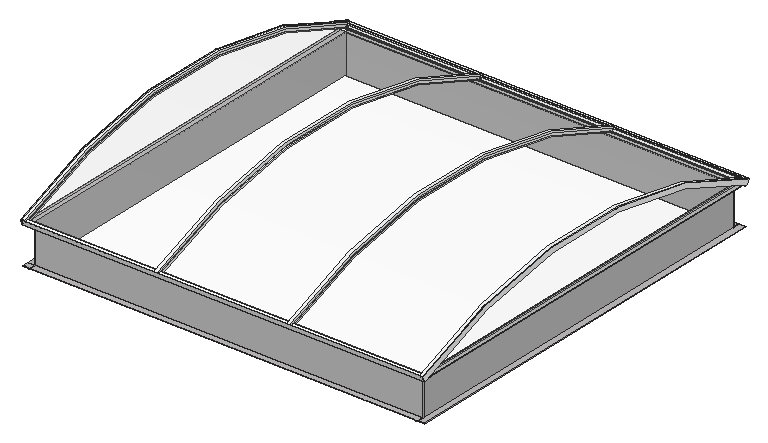
Revit family "Aluco Skylight SL (pl)", category Modele ogólne, Revit 2020
Family settings
  Może być obiektem nadrzędnym dla zbrojenia = Nie
  Wymiar okrągłego złącza = Użyj średnicy
  Typ części = Normalny
  Numer OmniClass = 23.30.30.00
  Tytuł OmniClass = Skylights
  Oparty na płaszczyźnie roboczej = Tak
  Zawsze pionowo = Nie
  Tnij formami wycięć po wczytaniu = Nie
  Współdzielony = Nie
  Punkt obliczania pomieszczeń = Nie
Parameters
  ►Zakończenie prawe - widoczność [instance] = if(and(Podłużne nachylenie połaci = 0.00°, Zakończenie prawe), 1 < 2, 1 > 2)  # yes
  ►Wysokość pomocnicza - grubość [instance] = if([Grubość wypełnienia (wariant)] < 3, 24.2 mm, if([Grubość wypełnienia (wariant)] < 5, 29 mm, if([Grubość wypełnienia (wariant)] < 7, 33 mm, if([Grubość wypełnienia (wariant)] < 9, 38 mm, if([Grubość wypełnienia (wariant)] < 11, 33 mm, if([Grubość wypełnienia (wariant)] < 13, 39 mm, 45 mm))))))  # 33 mm
  ►Wysokość pomocnicza [instance] = Promień gięcia - 0.5 * sqrt((4 * ((Promień gięcia) ^ 2)) - ((Rozpiętość świetlika) ^ 2))  # 361.927 mm
  ►Wymiar pomocniczy [instance] = if(Podłużne nachylenie połaci > 0.00°, 400 mm, if(Poprzeczne nachylenie połaci > 0.00°, 0 mm, 180 mm))  # 180 mm
  ►Widoczność prawego zakończenia [instance] = if(Podłużne nachylenie połaci > 0.00°, 1 > 2, 1 < 2)  # yes
  ►Odsunięcie pomocnicze 3 [instance] = if(Podłużne nachylenie połaci > 0.00°, Długość otworu, Długość otworu + 1000 mm)  # 4000 mm
  ►Odsunięcie pomocnicze 2 [instance] = ►Odsunięcie pomocnicze 1 + [Zwężenie otworu (długość)]  # 3000 mm
  ►Odsunięcie pomocnicze 1 [instance] = if(Podłużne nachylenie połaci > 0.00°, 6000 mm, Długość otworu)  # 3000 mm
  ►Nachylenie połaci - obliczenia [instance] = if(Podłużne nachylenie połaci = 0.00°, 0.00°, if(Podłużne nachylenie połaci - Nachylenie połaci przeciwległej < 0.00°, Podłużne nachylenie połaci + (((Podłużne nachylenie połaci - Nachylenie połaci przeciwległej) * (-1)) / 2), if(Podłużne nachylenie połaci - Nachylenie połaci przeciwległej = 0.00°, Podłużne nachylenie połaci, Podłużne nachylenie połaci - ((Podłużne nachylenie połaci - Nachylenie połaci przeciwległej) / 2))))  # 0.00°
  Zwężenie otworu prawego (długość) [instance] = if(Podłużne nachylenie połaci > 0.00°, 100 mm, [Zwężenie otworu (długość)])  # 0 mm
  Zwężenie otworu (rozpiętość) [instance] = 0 mm
  Zwężenie otworu (długość) [instance] = 0 mm
  Zakończenie prawe [instance] = yes
  Zakończenie lewe [instance] = yes
  Wysokość podstawy [instance] = 300 mm
  Współczynnik przenikania ciepła [instance] = "Do weryfikacji po kontakcie z Producentem"  # constant formula
  URL produktu = "https://aluco.com.pl/oferta/swietliki-dachowe/swietliki-lukowe-aluco-skylight-sl/"
  URL = "https://aluco.com.pl/"
  Rozstaw podziału [instance] = (Długość świetlika - 28 mm) / (Ilość podziałów świetlika + 1)  # 1024 mm
  Rozpiętość świetlika [instance] = if(Rozpiętość otworu - 2 * [Zwężenie otworu (rozpiętość)] + 2 * Przestrzeń na izolację termiczną < 1500 mm, 1500 mm, if(Rozpiętość otworu - 2 * [Zwężenie otworu (rozpiętość)] + 2 * Przestrzeń na izolację termiczną > 6200 mm, 6200 mm, Rozpiętość otworu - 2 * [Zwężenie otworu (rozpiętość)] + 2 * Przestrzeń na izolację termiczną))  # 3100 mm
  Rozpiętość otworu [instance] = 3000 mm
  Rozpiętość [instance] = "od 1500 mm do 6200 mm"  # constant formula
  Przestrzeń na izolację termiczną (wariant) [instance] = 0
  Przestrzeń na izolację termiczną [instance] = if([Przestrzeń na izolację termiczną (wariant)] < 2, 50 mm, if([Przestrzeń na izolację termiczną (wariant)] < 3, 80 mm, if([Przestrzeń na izolację termiczną (wariant)] < 4, 100 mm, if([Przestrzeń na izolację termiczną (wariant)] < 5, 150 mm, 200 mm))))  # 50 mm
  Promień gięcia' [instance] = Promień gięcia - 5 mm  # 3495 mm
  Promień gięcia" [instance] = Promień gięcia + Grubość płyty + 15 mm  # 3535 mm
  Promień gięcia [instance] = 175 * Grubość płyty  # 3500 mm
  Producent = "ALUCO SYSTEM SP. Z O.O"  # constant formula
  Poprzeczne nachylenie połaci [instance] = 0.00°
  Opis = "Pasma świetlne wykonane zgodnie z wymaganiami normy PN-EN14963:2006, ze znakowaniem CE"  # constant formula
  Odporność na obciążenie odrywające = "UL 1500"  # constant formula
  Odporność na obciążenie dociskające = "DL 2500"  # constant formula
  Obraz typu = ALUCO SKYLIGHT SL.png
  Nachylenie połaci przeciwległej [instance] = 0.00°
  Podłużne nachylenie połaci [instance] = 0.00°
  Model = "Skylight SL"  # constant formula
  Materiał płyt = Aluco - poliwęglan
  Materiał profili = Aluco - aluminium
  Materiał podstawy = Aluco - stal ocynkowana
  Kraty antyupadkowe ALUCO SAFETY GRID [instance] = yes
  Komentarze do typu = "Pasma świetlne łukowe"
  Klasa bezpieczeństwa przed upadkiem z wysokości = "SB 1200"  # constant formula
  Klasa bezpieczeństwa pożarowego = "BRoof (t1)"  # constant formula
  Karta katalogowa [instance] = "https://aluco.com.pl/download/AlucoSkylight.pdf"
  Ilość profili łukowych [instance] = if(0 = 0, Ilość podziałów świetlika + 2, Ilość podziałów świetlika + 2)  # 4
  Ilość podziałów świetlika [instance] = roundup((Długość świetlika - 28 mm) / 1050 mm) - 1  # 2
  IfcExportAs = "\"IfcWindowType\""
  Grubość wypełnienia (wariant) [instance] = 6
  Grubość płyty [instance] = if([Grubość wypełnienia (wariant)] < 3, 10 mm, if([Grubość wypełnienia (wariant)] < 5, 16 mm, if([Grubość wypełnienia (wariant)] < 7, 20 mm, if([Grubość wypełnienia (wariant)] < 9, 25 mm, if([Grubość wypełnienia (wariant)] < 11, 20 mm, if([Grubość wypełnienia (wariant)] < 13, 26 mm, 32 mm))))))  # 20 mm
  Grubość blachy podstawy (wariant) [instance] = 1
  Grubość blachy podstawy [instance] = if([Grubość blachy podstawy (wariant)] < 2, 1.5 mm, 2 mm)  # 1.5 mm
  Długość świetlika [instance] = Długość otworu - 2 * [Zwężenie otworu (długość)] + 2 * Przestrzeń na izolację termiczną  # 3100 mm
  Długość otworu [instance] = 3000 mm
  Default Elevation = 0 mm  # constant formula
Reference planes
  plane 1 "Środek (Przód/Tył)": y = 0
  plane 2: z = 0
  plane 3 "Środek (Lewa/Prawa)": x = 0
  plane 4: x = 3000
  plane 5: y = -1500
  plane 6: y = 1500
  plane 7: x = -50
  plane 8: y = -1550
  plane 9: y = 1550
  plane 10: x = 3050
  plane 11: x = 1500
  plane 12: z = 300
  plane 13: z = -800.014
  plane 14: y = -1500
  plane 15: y = 1500
  plane 16: x = 3000
  plane 17: z = 0
  plane 18: z = 298.5
  plane 19: z = 1.5
  plane 20: x = 0
  plane 21: z = 661.927
  plane 22: z = 300
  plane 23: z = 694.927
  plane 24 "Odsunięcie 2": x = 3000
  plane 25 "Odsunięcie 1": x = 3000
  plane 26: x = 3660
  plane 27: x = 4000
  plane 28 "Odsunięcie 4": x = 3000
  plane 29 "Odsunięcie 5": x = 3050
Forms (mm)
  Extrusion 1, solid, material "Aluco - poliwęglan" <- "Materiał płyt", visible <- "Zakończenie lewe", detail levels medium+fine
    sketch origin (-50, 2000, 1200) x (0, 1, 0) y (0, 0, 1)
      loop
        line (-3550, -900) -> (-450, -900)
        arc (-450, -900) -> (-2000, -538.073) -> (-3550, -900) r 3500
    from 0 to 20
  Sweep 2, solid, material "Aluco - aluminium" <- "Materiał profili", detail levels fine
    path in 3D
      loop
        line (-50, 1558.857, 317.932) -> (3050, 1558.857, 317.932)
    profile "Profil prosty : Profil prosty" origin (1500, 1558.857, 317.932) x (0, -0.442857, -0.896592) y (0, 0.896592, -0.442857)
      loop
        line (26.358, 0) -> (33.614, 0) -> (33.614, 4.683) -> (-16.625, 4.683) -> (-16.625, 3.483) -> (-6, 3.483) -> (-6, -20) -> (0, -20) -> (0, 0) -> (20, 0) -> (20, -31.791) -> (26.358, -31.791) -> (26.358, 0)
  Sweep 3, solid, material "Aluco - poliwęglan" <- "Materiał płyt", detail levels medium+fine
    path in 3D
      loop
        arc (3050, -1550, 300) -> (3050, 0, 661.927) -> (3050, 1550, 300) r 3500
    profile origin (3050, 0, 661.927) x (0, 0, 1) y (1, 0, 0)
      loop
        line (0, 0) -> (0, -3100) -> (20, -3100) -> (20, 0) -> (0, 0)
  Sweep 4, solid, material "Aluco - aluminium" <- "Materiał profili", detail levels fine
    path in 3D
      loop
        line (3050, -1558.857, 317.932) -> (-50, -1558.857, 317.932)
    profile "Profil prosty : Profil prosty" origin (1500, -1558.857, 317.932) x (0, 0.442857, -0.896592) y (0, -0.896592, -0.442857)
      loop
        line (26.358, 0) -> (33.614, 0) -> (33.614, 4.683) -> (-16.625, 4.683) -> (-16.625, 3.483) -> (-6, 3.483) -> (-6, -20) -> (0, -20) -> (0, 0) -> (20, 0) -> (20, -31.791) -> (26.358, -31.791) -> (26.358, 0)
  Sweep 5, solid, material "Aluco - stal ocynkowana" <- "Materiał podstawy", detail levels medium+fine
    path in 3D
      loop
        line (3000, 1550, 0) -> (-50, 1550, 0)
    profile "Podstawa : Przód/Tył" origin (1475, 1550, 0) x (0, -1, 0) y (0, 0, 1)
      loop
        line (51.5, 0) -> (51.5, 300) -> (0, 300) -> (0, 298.5) -> (50, 298.5) -> (50, 1.5) -> (0, 1.5) -> (0, 0) -> (12, 0) -> (51.5, 0)
  Sweep 6, solid, material "Aluco - stal ocynkowana" <- "Materiał podstawy", detail levels medium+fine
    path in 3D
      loop
        line (-50, -1550, 0) -> (3000, -1550, 0)
    profile "Podstawa : Przód/Tył" origin (1475, -1550, 0) x (0, 1, 0) y (0, 0, 1)
      loop
        line (51.5, 0) -> (51.5, 300) -> (0, 300) -> (0, 298.5) -> (50, 298.5) -> (50, 1.5) -> (0, 1.5) -> (0, 0) -> (12, 0) -> (51.5, 0)
  Sweep 7, solid, material "Aluco - stal ocynkowana" <- "Materiał podstawy", detail levels medium+fine
    path in 3D
      loop
        line (-50, 1550, 0) -> (-50, 1500, 0) -> (-50, 0, 0) -> (-50, -1500, 0) -> (-50, -1550, 0)
    profile "Podstawa : Prawo/Lewo" origin (-50, 1525, 0) x (1, 0, 0) y (0, 0, 1)
      loop
        line (51.5, 0) -> (51.5, 300) -> (0, 300) -> (0, 298.5) -> (50, 298.5) -> (50, 1.5) -> (0, 1.5) -> (0, 0) -> (12, 0) -> (51.5, 0)
  Sweep 8, solid, material "Aluco - stal ocynkowana" <- "Materiał podstawy", visible <- "►Widoczność prawego zakończenia", detail levels medium+fine
    path in 3D
      loop
        line (3050, 1550, 0) -> (3050, 1500, 0) -> (3050, 0, 0) -> (3050, -1500, 0) -> (3050, -1550, 0)
    profile "Podstawa : Prawo/Lewo" origin (3050, -1525, 0) x (1, 0, 0) y (0, 0, 1)
      loop
        line (-51.5, 0) -> (-12, 0) -> (0, 0) -> (0, 1.5) -> (-50, 1.5) -> (-50, 298.5) -> (0, 298.5) -> (0, 300) -> (-51.5, 300) -> (-51.5, 0)
  Extrusion 9, solid, material "Aluco - krata antyupadkowa", visible <- "Kraty antyupadkowe ALUCO SAFETY GRID", detail levels medium+fine
    sketch origin (7303.2, -1436.636, 300) x (0, -1, 0) y (1, 0, 0)
      loop
        line (-2936.636, -7303.2) -> (63.364, -7303.2) -> (63.364, -4303.2) -> (-2936.636, -4303.2) -> (-2936.636, -7303.2)
    from 0 to -5
  Extrusion 10, void
    sketch origin (0, 0, 0) x (1, 0, 0) y (0, 0, 1)
      loop
        line (3000, 298.5) -> (3000, 1.5) -> (3000, -98.5) -> (3660, -98.5) -> (3660, 300) -> (3000, 300) -> (3000, 298.5)
    from -7763.73 to 8722.83
  Extrusion 11, void
    sketch origin (3000, 0, 0) x (-1, 0, 0) y (0, 0, -1)
      loop
        line (3000, -298.5) -> (3000, -300) -> (3823.374, -300) -> (3823.374, -1.5) -> (3000, -1.5) -> (3000, -298.5)
    from -6758.137 to 7862.369
  Extrusion 12, solid, material "Aluco - poliwęglan" <- "Materiał płyt", visible <- "►Zakończenie prawe - widoczność", detail levels medium+fine
    sketch origin (3050, 2000, 1200) x (0, 1, 0) y (0, 0, 1)
      loop
        line (-3550, -900) -> (-450, -900)
        arc (-450, -900) -> (-2000, -538.073) -> (-3550, -900) r 3500
    from -25 to 0
  Extrusion 13, void
    sketch origin (3050, 2000, 1200) x (0, 1, 0) y (0, 0, 1)
      loop
        line (-3500, -901.5) -> (-3500, -900) -> (-7785.043, -900) -> (-7785.043, -1198.5) -> (-3500, -1198.5) -> (-3500, -901.5)
    from -7978.09 to 4431.719
  Extrusion 14, void
    sketch origin (3050, 2000, 1200) x (0, 1, 0) y (0, 0, 1)
      loop
        line (-500, -900) -> (-500, -901.5) -> (-500, -1198.5) -> (2200, -1198.5) -> (2200, -900) -> (-500, -900)
    from -11160.481 to 8052.434
  Sweep 15, void
    path in 3D
      loop
        line (3050, 1550, 0) -> (3050, 1500, 0) -> (3050, 0, 0) -> (3050, -1500, 0) -> (3050, -1550, 0)
    profile origin (3050, -1525, 0) x (1, 0, 0) y (0, 0, 1)
      loop
        line (130, 300) -> (130, 0) -> (2288.5, 0) -> (2288.5, 300) -> (130, 300)
  Sweep 16, void
    path in 3D
      loop
        line (-50, 1550, 0) -> (-50, 1500, 0) -> (-50, 0, 0) -> (-50, -1500, 0) -> (-50, -1550, 0)
    profile origin (-50, 1525, 0) x (1, 0, 0) y (0, 0, 1)
      loop
        line (-1237.782, 300) -> (-1237.782, 0) -> (-130, 0) -> (-130, 300) -> (-1237.782, 300)
  Extrusion 17, solid, material "Aluco - aluminium" <- "Materiał profili", visible <- "Zakończenie prawe", detail levels fine
    sketch origin (3050, 0, -2838.073) x (0, 0.896592, 0.442857) y (0, -0.442857, 0.896592)
      loop
        line (-4.683, 3532.997) -> (-4.683, 3494.997)
        arc (-4.683, 3494.997) -> (1547.786, 3133.59) -> (2778.309, 2120.384) r 3495
        line (2778.309, 2120.384) -> (2808.485, 2143.478)
        arc (2808.485, 2143.478) -> (1564.614, 3167.66) -> (-4.683, 3532.997) r 3533
    from 0 to 5
  Extrusion 18, solid, material "Aluco - aluminium" <- "Materiał profili", detail levels fine
    sketch origin (-50, 0, -2838.073) x (0, -0.442857, 0.896592) y (0, 0.896592, 0.442857)
      loop
        arc (3532.997, -4.683) -> (3167.66, 1564.614) -> (2143.478, 2808.485) r 3533
        line (2143.478, 2808.485) -> (2120.384, 2778.309)
        arc (2120.384, 2778.309) -> (3133.59, 1547.786) -> (3494.997, -4.683) r 3495
        line (3494.997, -4.683) -> (3532.997, -4.683)
    from 0 to 5
  Extrusion 19, void
    sketch origin (0, 0, 0) x (1, 0, 0) y (0, 0, 1)
      loop
        line (3660, 694.927) -> (3660, 0) -> (4000, 0) -> (4000, 694.927) -> (3660, 694.927)
    from -7702.997 to 8662.235
  Extrusion 20, solid, detail levels coarse
    sketch origin (5150, 0, -1762.189) x (0, 0.807925, 0.589286) y (0, -0.589286, 0.807925)
      loop
        line (-15.4, 2609.189) -> (-213.85, 2337.109) -> (2290.716, 510.323) -> (2489.167, 782.403)
        arc (2489.167, 782.403) -> (1447.944, 1985.165) -> (-15.4, 2609.189) r 3533
    from -2100 to -5200
Cuts and joins
  Extrusion 11, Sweep 16, Extrusion 19 cuts Extrusion 1
  Extrusion 11, Extrusion 13, Extrusion 14 cuts Sweep 8
  Extrusion 10, Extrusion 11, Extrusion 19 cuts Sweep 6
  Extrusion 10, Extrusion 11, Extrusion 19 cuts Sweep 5
  Extrusion 19 cuts Sweep 2
  Extrusion 19 cuts Sweep 4
  Extrusion 11, Sweep 15, Extrusion 19 cuts Extrusion 9
  Extrusion 13, Extrusion 14, Extrusion 19 cuts Sweep 7
  Sweep 15 cuts Extrusion 12
  Extrusion 19 cuts Sweep 3
  Extrusion 19 cuts Extrusion 18
Lines and regions (mm)
  reference lines
    curve 1: line (-50, 1550, 0) -> (-50, -1550, 0)
    curve 2: line (-50, -1550, 0) -> (3000, -1550, 0)
    curve 3: line (3050, -1550, 0) -> (3050, 1550, 0)
    curve 4: line (3000, 1550, 0) -> (-50, 1550, 0)
    curve 5: line (0, 1500, 0) -> (3000, 1500, 0)
    curve 6: line (3000, 1500, 0) -> (3000, -1500, 0)
    curve 7: line (3000, -1500, 0) -> (0, -1500, 0)
    curve 8: line (0, -1500, 0) -> (0, 1500, 0)
    curve 9: arc (0, -1550, 300) -> (0, 0, 661.927) -> (0, 1550, 300) r 3500
    curve 10: line (-30, 50, 0) -> (-30, -50, 0)
    curve 11: line (3030, 50, 0) -> (3030, -50, 0)
    curve 12: line (0, 0, 298.5) -> (3000, 0, 298.5)
    curve 13: line (3050, -1500, 0) -> (3050, 0, 0)
    curve 14: line (3050, 1500, 0) -> (3050, 0, 0)
    curve 15: line (3050, 1550, 0) -> (3050, 1500, 0)
    curve 16: line (3050, -1500, 0) -> (3050, -1550, 0)
    curve 19: line (-50, 1550, 0) -> (-50, 1500, 0)
    curve 20: line (-50, -1400, 0) -> (-50, 0, 0)
    curve 21: line (-50, 0, 0) -> (-50, 1500, 0)
    curve 35: line (3050, 1550, 0) -> (3050, 1500, 0)
    curve 36: line (-50, -1500, 0) -> (-50, -1550, 0)
  sketch lines
    curve 17: line (3000, 1550, 0) -> (-50, 1550, 0)
    curve 18: line (-50, -1550, 0) -> (3000, -1550, 0)
    curve 22: line (-50, 1550, 0) -> (-50, 1500, 0)
    curve 23: line (-50, 0, 0) -> (-50, 1500, 0)
    curve 24: line (3050, -1500, 0) -> (3050, -1550, 0)
    curve 25: line (3050, -1500, 0) -> (3050, 0, 0)
    curve 26: line (3050, 1500, 0) -> (3050, 0, 0)
    curve 27: line (3050, 1550, 0) -> (3050, 1500, 0)
    curve 28: arc (3050, -1550, 300) -> (3050, 0, 661.927) -> (3050, 1550, 300) r 3500
    curve 29: line (3050, -1558.857, 317.932) -> (-50, -1558.857, 317.932)
    curve 30: line (-50, 1558.857, 317.932) -> (3050, 1558.857, 317.932)
    curve 31: line (3050, -1500, 0) -> (3050, -1550, 0)
    curve 32: line (3050, -1500, 0) -> (3050, 0, 0)
    curve 33: line (3050, 1500, 0) -> (3050, 0, 0)
    curve 34: line (3050, 1550, 0) -> (3050, 1500, 0)
    curve 37: line (-50, -1500, 0) -> (-50, 0, 0)
    curve 38: line (-50, -1500, 0) -> (-50, -1550, 0)
    curve 39: line (-50, 1550, 0) -> (-50, 1500, 0)
    curve 40: line (-50, 0, 0) -> (-50, 1500, 0)
    curve 41: line (-50, -1500, 0) -> (-50, 0, 0)
    curve 42: line (-50, -1500, 0) -> (-50, -1550, 0)
Dimensions and locks
  "Długość otworu": plane 3 "Środek (Lewa/Prawa)" to plane 4
  equal spacing: plane 3 "Środek (Lewa/Prawa)", plane 11, plane 4
  equal spacing: plane 7, plane 11, plane 10
  "Długość świetlika": plane 7 to plane 10
  equal spacing: plane 5, plane 1 "Środek (Przód/Tył)", plane 6
  equal spacing: plane 9, plane 1 "Środek (Przód/Tył)", plane 8
  "Rozpiętość otworu": plane 5 to plane 6
  "Rozpiętość świetlika": plane 9 to plane 8
  "Przestrzeń na izolację termiczną": plane 6 to curve 4
  "Przestrzeń na izolację termiczną": curve 1 to plane 3 "Środek (Lewa/Prawa)"
  "Przestrzeń na izolację termiczną": plane 4 to curve 3
  "Przestrzeń na izolację termiczną": plane 5 to curve 2
  "Przestrzeń na izolację termiczną": plane 7 to curve 8
  "Przestrzeń na izolację termiczną": curve 6 to plane 10
  "Przestrzeń na izolację termiczną": curve 7 to plane 8
  "Przestrzeń na izolację termiczną": curve 5 to plane 9
  "Wysokość podstawy": plane 12 to level
  "Grubość płyty": plane 7 to curve 10
  "Grubość płyty": curve 11 to plane 10
  "Grubość blachy podstawy": plane 12 to curve 12
  "Grubość płyty": Sweep 3 sketch curve to Sweep 3 sketch curve
  equal spacing: group 2, group 4, group 3, group 1
  equal spacing: group 1, group 3, group 4, group 2  (x2)
  plane 2 to plane 13 = 800.014 mm
  "Przestrzeń na izolację termiczną": plane 14 to plane 8
  "Przestrzeń na izolację termiczną": plane 9 to plane 15
  "Zwężenie otworu prawego (długość)": plane 4 to plane 16
  "Grubość blachy podstawy": plane 12 to plane 18
  "Grubość blachy podstawy": plane 19 to plane 17
  "Zwężenie otworu (długość)": plane 3 "Środek (Lewa/Prawa)" to plane 20
  Extrusion 13 to plane 19 = 298.5 mm
  "Wysokość podstawy": Sweep 15 sketch curve to plane 17
  locked: Sweep 15 sketch curve to plane 16 at 2338.5
  "►Wymiar pomocniczy": Sweep 15 sketch curve to plane 16
  locked: Sweep 16 sketch curve to plane 20 at 1287.782
  "►Wymiar pomocniczy": Sweep 16 sketch curve to plane 20
  locked: plane 22 to plane 18 at 1.5
  "►Wysokość pomocnicza": plane 21 to plane 22
  "►Wysokość pomocnicza - grubość": plane 23 to plane 21
  "Zwężenie otworu (długość)": plane 24 "Odsunięcie 2" to plane 25 "Odsunięcie 1"
  locked: plane 26 to plane 24 "Odsunięcie 2" at 660
  "►Odsunięcie pomocnicze 1": plane 25 "Odsunięcie 1" to plane 3 "Środek (Lewa/Prawa)"
  "►Odsunięcie pomocnicze 2": plane 24 "Odsunięcie 2" to plane 3 "Środek (Lewa/Prawa)"
  "►Odsunięcie pomocnicze 3": plane 3 "Środek (Lewa/Prawa)" to plane 27
  "Zwężenie otworu (długość)": plane 25 "Odsunięcie 1" to plane 28 "Odsunięcie 4"
  locked: plane 29 "Odsunięcie 5" to plane 28 "Odsunięcie 4" at 50
  "Promień gięcia": radius of curve 9
  "Poprzeczne nachylenie połaci": angle curve 8 to curve 13
  "Poprzeczne nachylenie połaci": angle curve 14 to curve 8
  "Poprzeczne nachylenie połaci": angle level to curve 20
  "Poprzeczne nachylenie połaci": angle curve 21 to level
  "►Nachylenie połaci - obliczenia": angle Extrusion 19 sketch curve to plane 27
  aligned and locked: level to plane 2
  aligned and locked: plane 8 to curve 9
  aligned and locked: plane 12 to curve 9
  aligned and locked: plane 9 to curve 9
  aligned and locked: Extrusion 1 sketch curve to curve 9
  aligned and locked: Extrusion 1 sketch curve to plane 12
  aligned and locked: Extrusion 1 to curve 10
  aligned and locked: Sweep 3 sketch curve to cut or joined group of Extrusion 1, Extrusion 11, Sweep 16, Extrusion 19
  aligned and locked: nested 1 to plane 10
  aligned and locked: nested 2 to plane 7
  aligned and locked: nested 1 to plane 12
  aligned and locked: nested 2 to plane 12
  aligned and locked: curve 2 to curve 16
  aligned and locked: plane 14 to curve 16
  aligned and locked: curve 16 to curve 3
  aligned and locked: plane 15 to curve 15
  aligned and locked: curve 15 to curve 3
  aligned and locked: plane 14 to curve 13
  aligned and locked: curve 19 to curve 5
  aligned and locked: plane 15 to curve 21
  aligned and locked: curve 1 to curve 21
  aligned and locked: plane 1 "Środek (Przód/Tył)" to curve 20
  aligned and locked: plane 1 "Środek (Przód/Tył)" to curve 14
  aligned and locked: plane 15 to curve 14
  aligned and locked: level to curve 13
  aligned and locked: plane 14 to Extrusion 9 sketch curve
  aligned and locked: Extrusion 9 sketch curve to plane 15
  aligned and locked: Extrusion 9 sketch curve to curve 6
  aligned and locked: Extrusion 9 sketch curve to curve 8
  aligned and locked: Extrusion 10 sketch curve to plane 12
  aligned and locked: plane 19 to Extrusion 11 sketch curve
  aligned and locked: plane 12 to Extrusion 11 sketch curve
  aligned and locked: plane 20 to Extrusion 11 sketch curve
  aligned and locked: plane 3 "Środek (Lewa/Prawa)" to Extrusion 11 sketch curve
  aligned and locked: Extrusion 12 to plane 12
  aligned and locked: plane 12 to Extrusion 13 sketch curve
  aligned and locked: plane 19 to Extrusion 13 sketch curve
  aligned and locked: plane 5 to Extrusion 13 sketch curve
  aligned and locked: plane 14 to Extrusion 13 sketch curve
  aligned and locked: Extrusion 13 sketch curve to plane 19
  aligned and locked: plane 15 to Extrusion 14 sketch curve
  aligned and locked: Extrusion 14 sketch curve to plane 19
  aligned and locked: plane 6 to Extrusion 14 sketch curve
  aligned and locked: Extrusion 14 sketch curve to plane 15
  aligned and locked: plane 18 to Extrusion 14 sketch curve
  aligned and locked: plane 12 to Extrusion 14 sketch curve
  aligned and locked: Extrusion 12 sketch curve to curve 9
  aligned and locked: Sweep 15 sketch curve to plane 17
  aligned and locked: curve 1 to curve 36
  aligned and locked: plane 3 "Środek (Lewa/Prawa)" to curve 9
  aligned and locked: Sweep 16 sketch curve to plane 12
  aligned and locked: Sweep 16 sketch curve to plane 2
  aligned and locked: plane 26 to Extrusion 10 sketch curve
  aligned and locked: Extrusion 19 sketch curve to plane 26
  aligned and locked: plane 27 to Extrusion 19 sketch curve
  aligned and locked: Extrusion 10 sketch curve to plane 25 "Odsunięcie 1"
  aligned and locked: plane 29 "Odsunięcie 5" to Sweep 3 sketch curve
  aligned and locked: plane 25 "Odsunięcie 1" to curve 2
  aligned and locked: plane 25 "Odsunięcie 1" to curve 4
  aligned and locked: plane 28 "Odsunięcie 4" to Extrusion 10 sketch curve
  aligned and locked: plane 18 to Extrusion 10 sketch curve
  aligned and locked: plane 8 to Extrusion 20 sketch curve
  aligned and locked: plane 9 to Extrusion 20 sketch curve
  aligned and locked: Extrusion 20 sketch curve to Extrusion 17
  aligned and locked: Extrusion 20 to plane 7
  aligned and locked: plane 10 to Extrusion 20
Automatic sketch dimensions
  Extrusion 13 sketch curve to plane 18 = 0 mm
  Extrusion 13 sketch curve to plane 5 = 4285.043 mm
  Extrusion 14 sketch curve to plane 6 = 2700 mm
  Extrusion 11 sketch curve to plane 18 = 0 mm
  plane 3 "Środek (Lewa/Prawa)" to Extrusion 11 sketch curve = 823.374 mm
  Extrusion 12 sketch curve to plane 8 = 0 mm
  Extrusion 17 sketch curve to nested 1 = 4.683 mm  (x3)
  Extrusion 18 sketch curve to nested 2 = 4.683 mm  (x3)
  Extrusion 10 sketch curve to plane 19 = 0 mm
  Extrusion 10 sketch curve to level = 98.5 mm
  level to Extrusion 20 sketch curve = 0 mm
  curve 36 to plane 5 = 0 mm
  plane 6 to curve 35 = 0 mm
  curve 35 to plane 9 = 0 mm
  plane 1 "Środek (Przód/Tył)" to curve 11 = 50 mm
  plane 1 "Środek (Przód/Tył)" to curve 10 = 50 mm
  curve 10 to plane 1 "Środek (Przód/Tył)" = 50 mm
  curve 11 to plane 1 "Środek (Przód/Tył)" = 50 mm
  curve 12 to plane 3 "Środek (Lewa/Prawa)" = 0 mm
  curve 12 to plane 4 = 0 mm
  curve 9 to plane 1 "Środek (Przód/Tył)" = 0 mm
  Sweep 3 sketch curve to profile plane = 0 mm
  Extrusion 19 sketch curve to level = 0 mm
  Extrusion 19 sketch curve to plane 23 = 0 mm
  radius of Extrusion 17 sketch curve to nested 1 = 0 mm
  radius of Extrusion 17 sketch curve to nested 1 = 25 mm
  radius of Extrusion 18 sketch curve to nested 2 = 0 mm
  radius of Extrusion 18 sketch curve to nested 2 = 25 mm
Nested families
  nested 1: "Profil łukowy" at (3036, 0, 300), Rozpiętość otworu <- "Rozpiętość otworu", Zwężenie otworu (rozpiętość) <- "Zwężenie otworu (rozpiętość)", Materiał <- "Materiał profili", Przestrzeń na izolację termiczną <- "Przestrzeń na izolację termiczną", Grubość wypełnienia (wariant) <- "Grubość wypełnienia (wariant)", type "Profil łukowy", detail levels fine
    with Zwężenie otworu (rozpiętość) 0 mm, Rozpiętość świetlika 3100 mm, Rozpiętość otworu 3000 mm, Przestrzeń na izolację termiczną 50 mm, Promień gięcia 3500 mm, Materiał Aluco - aluminium, Grubość wypełnienia (wariant) 6, Grubość płyty 20 mm, Grubość profilu 27 mm
  nested 2: "Profil łukowy" at (-36, 0, 300), Rozpiętość otworu <- "Rozpiętość otworu", Zwężenie otworu (rozpiętość) <- "Zwężenie otworu (rozpiętość)", Materiał <- "Materiał profili", Przestrzeń na izolację termiczną <- "Przestrzeń na izolację termiczną", Grubość wypełnienia (wariant) <- "Grubość wypełnienia (wariant)", type "Profil łukowy", detail levels fine
    with Zwężenie otworu (rozpiętość) 0 mm, Rozpiętość świetlika 3100 mm, Rozpiętość otworu 3000 mm, Przestrzeń na izolację termiczną 50 mm, Promień gięcia 3500 mm, Materiał Aluco - aluminium, Grubość wypełnienia (wariant) 6, Grubość płyty 20 mm, Grubość profilu 27 mm
  nested 3: "Profil łukowy" at (2012, 0, 300), Rozpiętość otworu <- "Rozpiętość otworu", Zwężenie otworu (rozpiętość) <- "Zwężenie otworu (rozpiętość)", Materiał <- "Materiał profili", Przestrzeń na izolację termiczną <- "Przestrzeń na izolację termiczną", Grubość wypełnienia (wariant) <- "Grubość wypełnienia (wariant)", type "Profil łukowy", detail levels fine
    with Zwężenie otworu (rozpiętość) 0 mm, Rozpiętość świetlika 3100 mm, Rozpiętość otworu 3000 mm, Przestrzeń na izolację termiczną 50 mm, Promień gięcia 3500 mm, Materiał Aluco - aluminium, Grubość wypełnienia (wariant) 6, Grubość płyty 20 mm, Grubość profilu 27 mm
  nested 4: "Profil łukowy" at (988, 0, 300), Rozpiętość otworu <- "Rozpiętość otworu", Zwężenie otworu (rozpiętość) <- "Zwężenie otworu (rozpiętość)", Materiał <- "Materiał profili", Przestrzeń na izolację termiczną <- "Przestrzeń na izolację termiczną", Grubość wypełnienia (wariant) <- "Grubość wypełnienia (wariant)", type "Profil łukowy", detail levels fine
    with Zwężenie otworu (rozpiętość) 0 mm, Rozpiętość świetlika 3100 mm, Rozpiętość otworu 3000 mm, Przestrzeń na izolację termiczną 50 mm, Promień gięcia 3500 mm, Materiał Aluco - aluminium, Grubość wypełnienia (wariant) 6, Grubość płyty 20 mm, Grubość profilu 27 mm
Definition of nested family "Profil łukowy"
  Parameters (values of type "Profil łukowy")
    Zwężenie otworu (rozpiętość) [instance] = 200 mm
    Define Thermal Properties by = 1
    Rozpiętość świetlika [instance] = if(Rozpiętość otworu - 2 * [Zwężenie otworu (rozpiętość)] + 2 * Przestrzeń na izolację termiczną < 1500 mm, 1500 mm, if(Rozpiętość otworu - 2 * [Zwężenie otworu (rozpiętość)] + 2 * Przestrzeń na izolację termiczną > 6200 mm, 6200 mm, Rozpiętość otworu - 2 * [Zwężenie otworu (rozpiętość)] + 2 * Przestrzeń na izolację termiczną))  # 1500 mm
    Rozpiętość otworu [instance] = 1000 mm
    Przestrzeń na izolację termiczną [instance] = 150 mm
    Promień gięcia [instance] = 175 * Grubość płyty  # 1750 mm
    Materiał [instance] = none
    Analytic Construction = "<Brak>"
    Grubość wypełnienia (wariant) [instance] = 1
    Grubość płyty [instance] = if([Grubość wypełnienia (wariant)] < 3, 10 mm, if([Grubość wypełnienia (wariant)] < 5, 16 mm, if([Grubość wypełnienia (wariant)] < 7, 20 mm, if([Grubość wypełnienia (wariant)] < 9, 25 mm, if([Grubość wypełnienia (wariant)] < 11, 20 mm, if([Grubość wypełnienia (wariant)] < 13, 26 mm, 32 mm))))))  # 10 mm
    Grubość profilu [instance] = Grubość płyty + 7 mm  # 17 mm
    Default Elevation = 0 mm
  Reference planes
    plane 1 "Środek (Przód/Tył)": y = 0
    plane 2: z = 0
    plane 3 "Środek (Lewa/Prawa)": x = 0
    plane 4: y = -500
    plane 5: y = 500
    plane 6: y = -750
    plane 7: y = 750
    plane 8: z = 0
  Forms (mm)
    Extrusion 1, solid, not visible
      sketch origin (0, 0, 0) x (0, 1, 0) y (0, 0, 1)
        loop
          line (-750, 0) -> (750, 0)
          arc (750, 0) -> (0, 168.861) -> (-750, 0) r 1750
      from 14 to -14
    Sweep 2, solid, material <- "Materiał"
      path in 3D
        loop
          arc (0, -750, 0) -> (0, 0, 168.861) -> (0, 750, 0) r 1750
      profile origin (0, 0, 168.861) x (0, 0, 1) y (1, 0, 0)
        loop
          line (0, -14) -> (0, -2.5) -> (10, -2.5) -> (10, -14) -> (23, -14) -> (23, 14) -> (10, 14) -> (10, 2.5) -> (0, 2.5) -> (0, 14) -> (-5, 14) -> (-5, -14) -> (0, -14)
  Lines and regions (mm)
    reference lines
      curve 1: line (-150, -650, 0) -> (6150, -650, 0)
      curve 2: line (6150, 650, 0) -> (-150, 650, 0)
      curve 3: line (500, 600, 0) -> (5500, 600, 0)
      curve 4: line (5500, -600, 0) -> (500, -600, 0)
      curve 5: arc (0, -750, 0) -> (0, 0, 168.861) -> (0, 750, 0) r 1750
    sketch lines
      curve 6: arc (0, -750, 0) -> (0, 0, 168.861) -> (0, 750, 0) r 1750
  Dimensions and locks
    equal spacing: plane 4, plane 1 "Środek (Przód/Tył)", plane 5
    equal spacing: plane 7, plane 1 "Środek (Przód/Tył)", plane 6
    "Rozpiętość otworu": plane 4 to plane 5
    "Rozpiętość świetlika": plane 7 to plane 6
    "Przestrzeń na izolację termiczną": plane 5 to curve 2
    "Przestrzeń na izolację termiczną": plane 4 to curve 1
    "Przestrzeń na izolację termiczną": curve 4 to plane 6
    "Przestrzeń na izolację termiczną": curve 3 to plane 7
    "Grubość płyty": Sweep 2 sketch curve to profile plane
    "Promień gięcia": radius of curve 5
    aligned and locked: level to plane 2
    aligned and locked: plane 6 to curve 5
    aligned and locked: plane 8 to curve 5  (x2)
    aligned and locked: plane 7 to curve 5
    aligned and locked: Extrusion 1 sketch curve to curve 5
    aligned and locked: Extrusion 1 sketch curve to plane 8
  Automatic sketch dimensions
    curve 2 to plane 3 "Środek (Lewa/Prawa)" = 150 mm
    curve 1 to plane 3 "Środek (Lewa/Prawa)" = 150 mm
    plane 3 "Środek (Lewa/Prawa)" to curve 3 = 500 mm
    plane 3 "Środek (Lewa/Prawa)" to curve 4 = 500 mm
    curve 3 to curve 3 = 5000 mm
    curve 4 to curve 3 = 0 mm
    curve 3 to curve 2 = 650 mm
    curve 4 to curve 1 = 650 mm
    Sweep 2 sketch curve to profile plane = 0 mm  (x2)
    profile plane to Sweep 2 sketch curve = 5 mm
    Sweep 2 sketch curve to Sweep 2 sketch curve = 0 mm  (x2)
    Sweep 2 sketch curve to Sweep 2 sketch curve = 13 mm
    Sweep 2 sketch curve to profile plane = 14 mm
    Sweep 2 sketch curve to profile plane = 2.5 mm
    profile plane to Sweep 2 sketch curve = 2.5 mm
    Sweep 2 sketch curve to Sweep 2 sketch curve = 11.5 mm  (x2)
